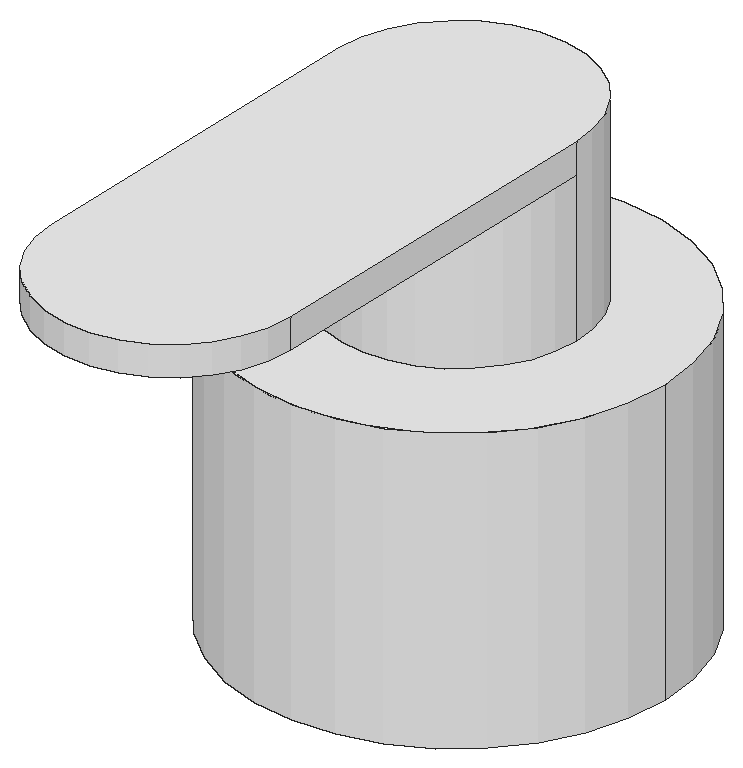
Revit family "Deca_Acabamento para registro de gaveta de 1 ¼''  e 1 ½'' _Monoc. Drop_4900.91.GD", category Plumbing Fixtures, host Face, Revit 2019
Family settings
  Host = Face
  Round Connector Dimension = Use Radius
  Part Type = Normal
  Cut with Voids When Loaded = No
  Shared = No
  Room Calculation Point = No
Parameters (values of type "4900.C91.GD_Cromado")
  WFU = 0
  Vazão na Pressão mín. (L/min) = "-"
  Vazão na Pressão máx. (L/min) = "-"
  URL = "www.deca.com.br"
  Tipo de rosca de saída = "-"
  Tipo de rosca de entrada = "-"
  Tipo de mecanismo utilizado = "-"
  Tipo de dispositivo economizador = "-"
  Segmento = "Banheiro Médio"
  Saída de Esgoto = "-"
  Pressão mín. funcionamento = "-"
  Pressão mín. Aquec. Passagem = "-"
  Pressão mín. Aquec. Acúmulo = "-"
  Pressão máx. funcionamento = "-"
  Peso Líquido (Kg) = 0.094
  Norma = "Não Possui"
  Model = "4900.C91.GD"
  Material = Deca_Cromado
  Manufacturer = "Deca"
  Linha = "Monoc. Drop"
  Itens de Instalação = "-"
  Informações Complementares = "-"
  HWFU = 0
  Description = "Acabamento para registro de gaveta de 1 1/4\" e 1 1/2\""
  Default Elevation = 1800.000 mm
  Código Pai = "4900.91.GD"
  Criado por = "quattroD"
  Cores Componente = "-"
  Cor Secundária = "-"
  Cor Principal = "Cromado"
  Cor Interna = "-"
  Consumo = "-"
  Composição Componente = "-"
  Composição Básica = "Liga de Cobre (bronze e latão),Plásticos de Engenharia"
  Composição Assento = "-"
  Composição Anel Vedação = "-"
  Categoria = "METAIS PARA BANHEIRO"
  CWFU = 0
  Atendimento ao Cliente = "0800-0117073"
  Assembly Code = ""
  Aprovado por = "quattroD"
  Acompanha o Produto = "-"
Reference planes
  plane 1 "Center (Front/Back)": y = 24.848
  plane 2: z = 0
  plane 3 "Center (Left/Right)": x = 0.396
  plane 4: z = 47.5
  plane 5: z = 48.9
  plane 6: y = 59.823
  plane 7: y = -9.977
  plane 8: x = 35.296
  plane 9: x = -34.504
Forms (mm)
  Extrusion 1, solid, material "Deca_Cromado" <- "Material"
    sketch origin (0.396, -255.077, 0) x (1, 0, 0) y (0, 1, 0)
      loop
        circle (0, 280) r 34.9
    from 0 to 47.5
  Extrusion 2, solid, material "Deca_Cromado" <- "Material"
    sketch origin (0.396, -255.278, 0) x (1, 0, 0) y (0, 1, 0)
      loop
        circle (0, 280.201) r 20
    from 48.9 to 78.9
  Extrusion 3, solid, material "Deca_Cromado" <- "Material"
    sketch origin (0.396, -255.177, 0) x (1, 0, 0) y (0, 1, 0)
      loop
        arc (20, 280) -> (0, 300) -> (-20, 280) r 20
        line (-20, 280) -> (-20, 220)
        arc (-20, 220) -> (0, 200) -> (20, 220) r 20
        line (20, 220) -> (20, 280)
    from 73.9 to 78.9
  Extrusion 4, solid, material "Deca_Cromado" <- "Material"
    sketch origin (0.397, 73.723, 0) x (1, 0, 0) y (0, 1, 0)
      loop
        circle (0, -48.804) r 5.25
    from 47.5 to 48.9
Cuts and joins
  joined: Extrusion 2, Extrusion 3
Lines and regions (mm)
  Masking region 1
    outline origin (0.396, -255.077, 0) x (1, 0, 0) y (0, 1, 0)
      loop
        arc (20, 251.399) -> (0, 314.9) -> (-20, 251.399) r 34.9
        line (-20, 251.399) -> (-20, 220)
        arc (-20, 220) -> (0, 200) -> (20, 220) r 20
        line (20, 220) -> (20, 251.399)
  Masking region 2
    outline origin (0.396, 245.836, -47.804) x (0, 1, 0) y (0, 0, 1)
      loop
        line (-240.913, 121.704) -> (-240.913, 101.48) -> (-240.913, 96.704) -> (-226.163, 96.704) -> (-226.163, 95.804)
        arc (-226.163, 95.804) -> (-226.309, 95.45) -> (-226.663, 95.304) r 0.5
        line (-226.663, 95.304) -> (-255.313, 95.304)
        arc (-255.313, 95.304) -> (-255.666, 95.157) -> (-255.813, 94.804) r 0.5
        line (-255.813, 94.804) -> (-255.813, 89.504) -> (-255.813, 47.804) -> (-186.013, 47.804) -> (-186.013, 94.804)
        arc (-186.013, 94.804) -> (-186.159, 95.157) -> (-186.513, 95.304) r 0.5
        line (-186.513, 95.304) -> (-215.163, 95.304)
        arc (-215.163, 95.304) -> (-215.516, 95.45) -> (-215.663, 95.804) r 0.5
        line (-215.663, 95.804) -> (-215.663, 96.704) -> (-200.913, 96.704) -> (-200.913, 126.704) -> (-300.913, 126.704) -> (-300.913, 121.704) -> (-240.913, 121.704)
  Masking region 3
    outline origin (-493.757, 24.848, 299.093) x (-1, 0, 0) y (0, 0, -1)
      loop
        line (-459.254, 299.093) -> (-529.054, 299.093) -> (-529.054, 252.093)
        arc (-529.054, 252.093) -> (-528.908, 251.74) -> (-528.554, 251.593) r 0.5
        line (-528.554, 251.593) -> (-499.904, 251.593)
        arc (-499.904, 251.593) -> (-499.551, 251.447) -> (-499.404, 251.093) r 0.5
        line (-499.404, 251.093) -> (-499.404, 250.193) -> (-514.154, 250.193) -> (-514.154, 220.193) -> (-474.154, 220.193) -> (-474.154, 250.193) -> (-488.904, 250.193) -> (-488.904, 251.093)
        arc (-488.904, 251.093) -> (-488.758, 251.447) -> (-488.404, 251.593) r 0.5
        line (-488.404, 251.593) -> (-459.754, 251.593)
        arc (-459.754, 251.593) -> (-459.401, 251.74) -> (-459.254, 252.093) r 0.5
        line (-459.254, 252.093) -> (-459.254, 299.093)
  symbolic lines
    curve 1: arc (20.396, -3.678, 0) -> (0.396, 59.823, 0) -> (-19.604, -3.678, 0) r 34.9
    curve 2: line (20.396, -35.077, 0) -> (20.396, 24.923, 0)
    curve 3: arc (20.396, 24.923, 0) -> (0.396, 44.923, 0) -> (-19.604, 24.923, 0) r 20
    curve 4: line (-19.604, 24.923, 0) -> (-19.604, -35.077, 0)
    curve 5: arc (-19.604, -35.077, 0) -> (0.396, -55.077, 0) -> (20.396, -35.077, 0) r 20
    curve 6: line (0.396, 24.923, 73.9) -> (0.396, -55.077, 73.9)
    curve 7: line (0.396, -55.077, 73.9) -> (0.396, -55.077, 78.9)
    curve 8: line (0.396, -55.077, 78.9) -> (0.396, 44.923, 78.9)
    curve 9: line (0.396, 44.923, 78.9) -> (0.396, 44.923, 48.9)
    curve 10: line (0.396, 44.923, 48.9) -> (0.396, 4.923, 48.9)
    curve 11: line (0.396, 4.923, 48.9) -> (0.396, 4.923, 53.676)
    curve 12: line (0.396, 4.923, 73.9) -> (0.396, 4.923, 53.676)
    curve 13: line (0.396, -9.977, 41.7) -> (0.396, -9.977, 47)
    curve 14: arc (0.396, -9.977, 47) -> (0.396, -9.83, 47.354) -> (0.396, -9.477, 47.5) r 0.5
    curve 15: line (0.396, -9.477, 47.5) -> (0.396, 59.323, 47.5)
    curve 16: arc (0.396, 59.323, 47.5) -> (0.396, 59.677, 47.354) -> (0.396, 59.823, 47) r 0.5
    curve 17: line (0.396, 59.823, 47) -> (0.396, 59.823, 0)
    curve 18: line (0.396, 59.823, 0) -> (0.396, -9.977, 0)
    curve 19: line (0.396, -9.977, 0) -> (0.396, -9.977, 41.7)
    curve 20: arc (0.396, 30.673, 47.5) -> (0.396, 30.32, 47.646) -> (0.396, 30.173, 48) r 0.5
    curve 21: line (0.396, 30.173, 48) -> (0.396, 30.173, 48.9)
    curve 22: arc (0.396, 19.173, 47.5) -> (0.396, 19.527, 47.646) -> (0.396, 19.673, 48) r 0.5
    curve 23: line (0.396, 19.673, 48) -> (0.396, 19.673, 48.9)
    curve 24: line (35.297, 24.848, 0) -> (-34.503, 24.848, 0)
    curve 25: line (-34.503, 24.848, 0) -> (-34.503, 24.848, 47)
    curve 26: arc (-34.503, 24.848, 47) -> (-34.357, 24.848, 47.354) -> (-34.003, 24.848, 47.5) r 0.5
    curve 27: line (-34.003, 24.848, 47.5) -> (34.797, 24.848, 47.5)
    curve 28: arc (34.797, 24.848, 47.5) -> (35.151, 24.848, 47.354) -> (35.297, 24.848, 47) r 0.5
    curve 29: line (35.297, 24.848, 47) -> (35.297, 24.848, 0)
    curve 30: line (-19.603, 24.848, 78.9) -> (-19.603, 24.848, 48.9)
    curve 31: line (-19.603, 24.848, 48.9) -> (20.397, 24.848, 48.9)
    curve 32: line (20.397, 24.848, 48.9) -> (20.397, 24.848, 78.9)
    curve 33: line (20.397, 24.848, 78.9) -> (-19.603, 24.848, 78.9)
    curve 34: arc (-5.353, 24.848, 47.5) -> (-4.999, 24.848, 47.646) -> (-4.853, 24.848, 48) r 0.5
    curve 35: line (-4.853, 24.848, 48) -> (-4.853, 24.848, 48.9)
    curve 36: line (5.647, 24.848, 48.9) -> (5.647, 24.848, 48)
    curve 37: arc (5.647, 24.848, 48) -> (5.793, 24.848, 47.646) -> (6.147, 24.848, 47.5) r 0.5
Dimensions and locks
  aligned and locked: host face to plane 2
  aligned and locked: level to host face
